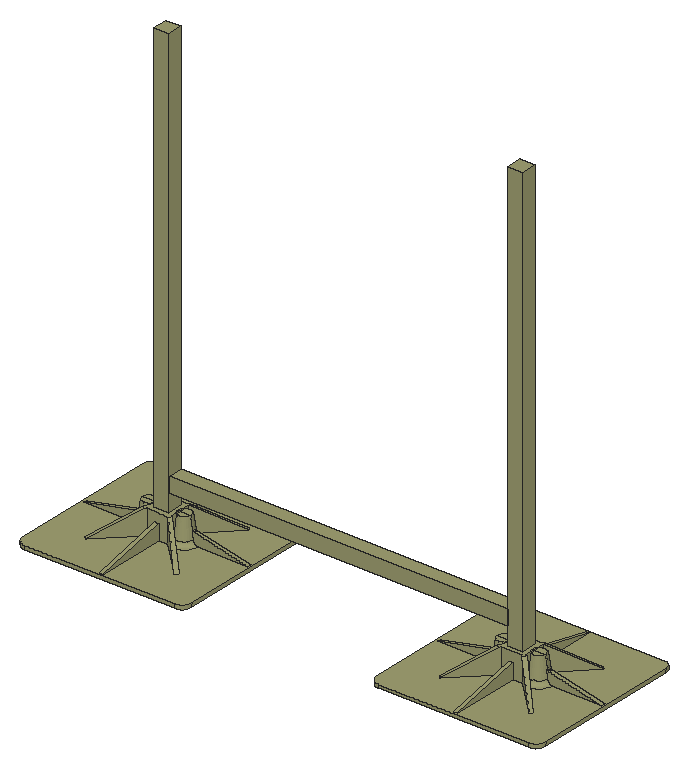
Revit family "Roof_Walkway_Support", category Generic Models, Revit 2013
Parameters
  offset [instance] = 0 mm
  Warranty Duration (Years) = 0
  Unit Width [instance] = Clear Width + 82.55 mm  # 1002.55 mm
  Unit Height [instance] = 1800 mm
  Unit Depth [instance] = 920 mm
  URL = ""
  Support Extension_Right [instance] = 165 mm
  Support Extension_Left [instance] = 165 mm
  Railing Height = 1025 mm
  Rail Height [instance] = if(Handrails, Railing Height, 0 mm)  # 1025 mm
  Handrails [instance] = yes
  Floor_Thickness [instance] = 50 mm
  Revision = ""
  Model = ""
  Material = Support
  Manufacturer = ""
  Maintenance Schedule (Months) = 0
  Keynote = ""
  Installation Phase = ""
  Flange Option = "[FM][MM]"
  Expected Lifespan (Years) = 0
  Drawn By = ""
  Description = ""
  Default Elevation = 1200 mm
  Copyright = ""
  Clear Width [instance] = 920 mm
  Base Type [instance] = Base_Walk_Square : Base_Walk_Square
  Base Material = Support
  Assembly Code = ""
Reference planes
  plane 1 "Center (Front/Back)": y = 0
  plane 2 "Bottom": z = 0
  plane 3 "Center (Left/Right)": x = -838.2
  plane 4: x = -378.2
  plane 5: x = -1298.2
  plane 6: z = -50
  plane 7: z = -215
  plane 8: z = -215
  plane 9 "Clear_Back": y = 228.6
  plane 10 "Clear_Front": y = -228.6
  plane 11: z = 1025
  plane 12: z = -519.8
Forms (mm)
  Sweep 1, solid, material "Support" <- "Material"
    path origin (0, 0, 0) x (1, 0, 0) y (0, 0, 1)
      loop
        line (-357.562, -138.8) -> (-357.562, 1025)
    profile "P_Rectangle : P_Rectangle" origin (-357.562, 0, 443.1) x (-1, 0, 0) y (0, -1, 0)
      loop
        line (-20.638, 20.637) -> (-20.638, -20.637) -> (20.637, -20.637) -> (20.637, 20.637) -> (-20.638, 20.637)
  Sweep 2, solid, material "Support" <- "Material"
    path origin (0, 0, 0) x (1, 0, 0) y (0, 0, 1)
      loop
        line (-1339.475, -138.8) -> (-1339.475, 1025)
    profile "P_Rectangle : P_Rectangle" origin (-1339.475, 0, 443.1) x (-1, 0, 0) y (0, -1, 0)
      loop
        line (0, 20.637) -> (-41.275, 20.637) -> (-41.275, -20.637) -> (0, -20.637) -> (0, 20.637)
  Sweep 3, solid, material "Support" <- "Material"
    path origin (0, 0, 0) x (1, 0, 0) y (0, 0, 1)
      loop
        line (-1298.2, -50) -> (-378.2, -50)
    profile "P_Rectangle : P_Rectangle" origin (-838.2, 0, -50) x (0, 0, 1) y (0, -1, 0)
      loop
        line (-41.275, 20.637) -> (-41.275, -20.637) -> (0, -20.637) -> (0, 20.637) -> (-41.275, 20.637)
Cuts and joins
  joined: Sweep 1, Sweep 2
Dimensions and locks
  "Clear Width": plane 5 to plane 4
  "Floor_Thickness": plane 2 "Bottom" to plane 6
  "Support Extension_Left": plane 6 to plane 7
  "Support Extension_Right": plane 6 to plane 8
  equal spacing: plane 9 "Clear_Back", plane 1 "Center (Front/Back)", plane 10 "Clear_Front"
  locked: nested 1 to plane 5 at 20.637
  locked: plane 4 to nested 2 at 20.637
  "Rail Height": plane 11 to plane 2 "Bottom"
  locked: plane 8 to plane 12 at 304.8
  equal spacing: plane 5, plane 3 "Center (Left/Right)", plane 4
  locked: Sweep 2 sketch curve to plane 7 at 76.2
  locked: Sweep 1 sketch curve to plane 8 at 76.2
  aligned and locked: plane 1 "Center (Front/Back)" to nested 2
  aligned and locked: nested 1 to plane 1 "Center (Front/Back)"
  aligned and locked: plane 11 to Sweep 2 sketch curve
  aligned and locked: plane 11 to Sweep 1 sketch curve
  aligned and locked: level to plane 2 "Bottom"
Automatic sketch dimensions
  plane 4 to Sweep 1 sketch curve = 20.638 mm
  Sweep 2 sketch curve to plane 5 = 41.275 mm
  Sweep 3 sketch curve to plane 5 = 0 mm
  Sweep 3 sketch curve to plane 4 = 0 mm
  Sweep 3 sketch curve to plane 6 = 0 mm
Nested families
  nested 1: "Base_Walk_Square" at (-1318.837, 0, -215), type <- "Base Type", type "Base_Walk_Square"
    with Unit Width 457.2 mm, Unit Depth 457.2 mm
  nested 2: "Base_Walk_Square" at (-357.562, 0, -215), type <- "Base Type", type "Base_Walk_Square"
    with Unit Width 457.2 mm, Unit Depth 457.2 mm
Definition of nested family "Base_Walk_Square"
  Parameters
    offset [instance] = 0 mm
    Warranty Duration (Years) = 0
    Unit Width = 304.8 mm
    Unit Height = 76.2 mm
    Unit Depth = 304.8 mm
    URL = "http://www.phpsd.com/"
    Test Data = "http://www.phpsd.com/test_data.htm"
    Specification = "http://www.arcat.com/sd/clients/portpipe.html?coid=38679"
    Send Message = "http://www.arcat.com/users.pl?action=UserEmail&company=PHP%20Systems/Design&coid=38679&rep=108&fax=713-672-7986&mf="
    Sales Information = "http://www.phpsd.com/quote_request.htm"
    Revision = "R1_03-2010"
    Product Properties = "http://www.arcat.com/bim/bim_info.pl?fn="
    Product Data = "http://www.arcat.com/arcatcos/cos38/arc38679.html"
    Model = "As Specified in 21 05 29"
    Material = Plastic - PHP - High Density Polypropylene - Black - UV Protected
    Manufacturer Website = "http://www.phpsd.com/"
    Manufacturer Phone - Toll Free = "800-797-6585 "
    Manufacturer Phone = "713-672-5088 "
    Manufacturer Fax = "713-672-7986"
    Manufacturer Address = "5534 Harvey Wilson Dr., Houston, TX 77020"
    Manufacturer = "PHP Systems"
    Maintenance Schedule (Months) = 0
    Keynote = "21 05 29"
    Installation-Fabrication = "http://www.phpsd.com/help_me_decide.htm"
    Installation Phase = ""
    Green Building-LEED = "http://www.arcat.com/green/clients/leed_data_38679.html"
    Expected Lifespan (Years) = 0
    Engineering Data = "http://www.phpsd.com/engineering_tables.htm"
    Drawn By = "Robert S. Weygant, CSI, CDT, SCIP"
    Description = "Rooftop Equipment as Specified in 21 05 29"
    Default Elevation = 1219.2 mm
    Copyright = "2010, ARCAT, Inc"
    Construction Details = "http://www.arcat.com/details/portpipe/portpipe.html?coid=38679"
    Assembly Code = "D3090700"
  Reference planes
    plane 1 "Center (Front/Back)": y = 0
    plane 2 "Bottom": z = 0
    plane 3 "Center (Left/Right)": x = 0
    plane 4 "Front": y = -152.4
    plane 5 "Back": y = 152.4
    plane 6 "Left": x = -152.4
    plane 7 "Right": x = 152.4
    plane 8 "Top": z = 76.2
    plane 9: z = 31.707
    plane 10: z = 9.512
    plane 11 "Diag_TopRight": through (25.5, 25.5, 1219.2) normal (-0.7071, 0.7071, 0)
    plane 12 "Diag_TopLeft": through (-25.5, 25.5, 1219.2) normal (-0.7071, -0.7071, 0)
    plane 13: x = -47.494
    plane 14: x = 47.494
  Forms (mm)
    Extrusion 1, solid, material "Plastic - PHP - High Density Polypropylene - Black - UV Protected" <- "Material"
      sketch origin (0, 0, 0) x (1, 0, 0) y (0, 1, 0)
        loop
          arc (-127, 152.4) -> (-144.961, 144.961) -> (-152.4, 127) r 25.4
          line (-152.4, 127) -> (-152.4, -127)
          arc (-152.4, -127) -> (-144.961, -144.961) -> (-127, -152.4) r 25.4
          line (-127, -152.4) -> (127, -152.4)
          arc (127, -152.4) -> (144.961, -144.961) -> (152.4, -127) r 25.4
          line (152.4, -127) -> (152.4, 127)
          arc (152.4, 127) -> (144.961, 144.961) -> (127, 152.4) r 25.4
          line (127, 152.4) -> (-127, 152.4)
      from 0 to 9.512
    Extrusion 2, solid, material "Plastic - PHP - High Density Polypropylene - Black - UV Protected" <- "Material"
      sketch origin (141.287, -4572, 9.512) x (0, -1, 0) y (-1, 0, 0)
        loop
          line (-4537.344, 176.158) -> (-4606.656, 176.158) -> (-4606.656, 106.416) -> (-4537.344, 106.416) -> (-4537.344, 176.158)
      from 0 to -66.688
    Extrusion 3, solid, material "Plastic - PHP - High Density Polypropylene - Black - UV Protected" <- "Material"
      sketch origin (0, 0, 0) x (0, 1, 0) y (0, 0, 1)
        loop
          line (146.05, 9.512) -> (34.656, 50.586) -> (34.656, 9.512) -> (146.05, 9.512)
      from -4.763 to 4.763
    Extrusion 4, solid, material "Plastic - PHP - High Density Polypropylene - Black - UV Protected" <- "Material"
      sketch origin (0, 0, 0) x (0, 1, 0) y (0, 0, 1)
        loop
          line (-146.05, 9.512) -> (-34.656, 9.512) -> (-34.656, 50.586) -> (-146.05, 9.512)
      from -4.763 to 4.763
    Extrusion 5, solid, material "Plastic - PHP - High Density Polypropylene - Black - UV Protected" <- "Material"
      sketch origin (0, 0, 0) x (0.707107, -0.707107, 0) y (0, 0, 1)
        loop
          line (-36.463, 9.512) -> (-36.463, 76.2) -> (-49.163, 76.2) -> (-174.585, 9.512) -> (-36.463, 9.512)
      from -4.763 to 4.763
    Extrusion 6, solid, material "Plastic - PHP - High Density Polypropylene - Black - UV Protected" <- "Material"
      sketch origin (25.5, 25.5, 1219.2) x (-0.707107, -0.707107, 0) y (0, 0, -1)
        loop
          line (72.525, 1209.688) -> (72.525, 1143) -> (85.225, 1143) -> (210.647, 1209.688) -> (72.525, 1209.688)
      from -4.763 to 4.763
    Extrusion 7, solid, material "Plastic - PHP - High Density Polypropylene - Black - UV Protected" <- "Material"
      sketch origin (25.5, 25.5, 1219.2) x (-0.707107, -0.707107, 0) y (0, 0, -1)
        loop
          line (-0.401, 1209.688) -> (-138.523, 1209.688) -> (-13.101, 1143) -> (-0.401, 1143) -> (-0.401, 1209.688)
      from -4.763 to 4.763
    Extrusion 8, solid, material "Plastic - PHP - High Density Polypropylene - Black - UV Protected" <- "Material"
      sketch origin (-16.519, 16.519, 1219.2) x (0.707107, -0.707107, 0) y (0, 0, 1)
        loop
          line (59.825, -1209.688) -> (197.947, -1209.688) -> (72.525, -1143) -> (59.825, -1143) -> (59.825, -1209.688)
      from -4.763 to 4.763
    Extrusion 9, solid, material "Plastic - PHP - High Density Polypropylene - Black - UV Protected" <- "Material"
      sketch origin (0, 0, 0) x (-1, 0, 0) y (0, 0, 1)
        loop
          line (146.05, 9.512) -> (34.656, 50.586) -> (34.656, 9.512) -> (146.05, 9.512)
      from -4.763 to 4.763
    Extrusion 10, solid, material "Plastic - PHP - High Density Polypropylene - Black - UV Protected" <- "Material"
      sketch origin (0, 0, 0) x (-1, 0, 0) y (0, 0, 1)
        loop
          line (-146.05, 9.512) -> (-34.656, 9.512) -> (-34.656, 50.586) -> (-146.05, 9.512)
      from -4.763 to 4.763
    Revolve 11, solid, material "Plastic - PHP - High Density Polypropylene - Black - UV Protected" <- "Material"
      sketch origin (27.133, -0.284, -2.024) x (1, 0, 0) y (0, 0, 1)
        loop
          line (-92.574, 78.224) -> (-100.847, 23.161)
          arc (-100.847, 23.161) -> (-105.441, 14.843) -> (-114.349, 11.536) r 13.653
          line (-114.349, 11.536) -> (-74.627, 11.536) -> (-74.627, 78.224) -> (-92.574, 78.224)
        axis (-74.627, 11.536) -> (-74.627, 78.224)
      angle from 0 to 360
    Revolve 12, solid, material "Plastic - PHP - High Density Polypropylene - Black - UV Protected" <- "Material"
      sketch origin (-27.133, -0.284, -2.024) x (-1, 0, 0) y (0, 0, -1)
        loop
          line (-92.574, -78.224) -> (-74.627, -78.224) -> (-74.627, -11.536) -> (-114.349, -11.536)
          arc (-114.349, -11.536) -> (-105.441, -14.843) -> (-100.847, -23.161) r 13.653
          line (-100.847, -23.161) -> (-92.574, -78.224)
        axis (-74.627, -11.536) -> (-74.627, -78.224)
      angle from 0 to 360
  Cuts and joins
    joined: Extrusion 1, Extrusion 2, Extrusion 3, Extrusion 4, Extrusion 5, Extrusion 6, Extrusion 7, Extrusion 8
    joined: Extrusion 9, Revolve 11
    joined: Extrusion 10, Revolve 12
  Dimensions and locks
    equal spacing: plane 5 "Back", plane 1 "Center (Front/Back)", plane 4 "Front"
    "Unit Depth": plane 5 "Back" to plane 4 "Front"
    equal spacing: plane 6 "Left", plane 3 "Center (Left/Right)", plane 7 "Right"
    "Unit Width": plane 6 "Left" to plane 7 "Right"
    "Unit Height": plane 8 "Top" to level
    aligned and locked: Extrusion 1 to plane 10
    aligned and locked: plane 8 "Top" to Extrusion 2
  Automatic sketch dimensions
    Extrusion 1 sketch curve to plane 6 "Left" = 0 mm
    Extrusion 1 sketch curve to plane 4 "Front" = 0 mm
    Extrusion 1 sketch curve to plane 5 "Back" = 0 mm
    Extrusion 1 sketch curve to plane 11 "Diag_TopRight" = 0 mm
    plane 6 "Left" to Extrusion 1 sketch curve = 25.4 mm  (x2)
    Extrusion 1 sketch curve to plane 7 "Right" = 25.4 mm  (x2)
    Extrusion 2 sketch curve to plane 1 "Center (Front/Back)" = 34.656 mm
    plane 1 "Center (Front/Back)" to Extrusion 2 sketch curve = 34.656 mm
    Extrusion 2 sketch curve to plane 3 "Center (Left/Right)" = 34.871 mm
    plane 3 "Center (Left/Right)" to Extrusion 2 sketch curve = 34.871 mm
    Extrusion 3 sketch curve to plane 10 = 0 mm
    Extrusion 3 sketch curve to plane 1 "Center (Front/Back)" = 34.656 mm
    Extrusion 3 sketch curve to plane 5 "Back" = 6.35 mm
    Extrusion 3 sketch curve to plane 9 = 18.879 mm
    Extrusion 4 sketch curve to plane 10 = 0 mm
    plane 4 "Front" to Extrusion 4 sketch curve = 6.35 mm
    plane 1 "Center (Front/Back)" to Extrusion 4 sketch curve = 34.656 mm
    Extrusion 4 sketch curve to plane 9 = 18.879 mm
    Extrusion 5 sketch curve to plane 10 = 0 mm
    Extrusion 5 sketch curve to plane 8 "Top" = 0 mm
    Extrusion 5 sketch curve to plane 11 "Diag_TopRight" = 174.585 mm
    Extrusion 5 sketch curve to plane 11 "Diag_TopRight" = 49.163 mm
    Extrusion 5 sketch curve to plane 11 "Diag_TopRight" = 36.463 mm
    Extrusion 6 sketch curve to plane 10 = 0 mm
    Extrusion 6 sketch curve to plane 8 "Top" = 0 mm
    Extrusion 6 sketch curve to plane 12 "Diag_TopLeft" = 36.463 mm
    Extrusion 6 sketch curve to Extrusion 6 sketch curve = 12.7 mm
    Extrusion 6 sketch curve to Extrusion 6 sketch curve = 138.122 mm
    Extrusion 7 sketch curve to plane 10 = 0 mm
    Extrusion 7 sketch curve to plane 8 "Top" = 0 mm
    plane 12 "Diag_TopLeft" to Extrusion 7 sketch curve = 174.585 mm
    plane 12 "Diag_TopLeft" to Extrusion 7 sketch curve = 49.163 mm
    plane 12 "Diag_TopLeft" to Extrusion 7 sketch curve = 36.463 mm
    Extrusion 8 sketch curve to plane 10 = 0 mm
    Extrusion 8 sketch curve to plane 8 "Top" = 0 mm
    plane 11 "Diag_TopRight" to Extrusion 8 sketch curve = 36.463 mm
    Extrusion 8 sketch curve to Extrusion 8 sketch curve = 12.7 mm
    Extrusion 8 sketch curve to Extrusion 8 sketch curve = 138.122 mm
    Extrusion 9 sketch curve to plane 10 = 0 mm
    Extrusion 9 sketch curve to plane 3 "Center (Left/Right)" = 34.656 mm
    plane 6 "Left" to Extrusion 9 sketch curve = 6.35 mm
    Extrusion 9 sketch curve to plane 9 = 18.879 mm
    Extrusion 10 sketch curve to plane 10 = 0 mm
    Extrusion 10 sketch curve to plane 7 "Right" = 6.35 mm
    plane 3 "Center (Left/Right)" to Extrusion 10 sketch curve = 34.656 mm
    Extrusion 10 sketch curve to plane 9 = 18.879 mm
    Revolve 12 sketch curve to plane 10 = 0 mm  (x2)
    Revolve 12 sketch curve to plane 8 "Top" = 0 mm
    Revolve 12 sketch curve to plane 14 = 0 mm  (x2)
    plane 14 to Revolve 12 sketch curve = 17.947 mm
    plane 9 to Revolve 12 sketch curve = 10.571 mm
    plane 14 to Revolve 12 sketch curve = 26.22 mm
    plane 9 to Revolve 12 sketch curve = 8.542 mm
    Revolve 12 sketch curve to Revolve 12 sketch curve = 0 mm
    Revolve 12 sketch curve to plane 8 "Top" = 3.938 mm
    Revolve 12 sketch curve to level = 7.791 mm
    Revolve 11 sketch curve to plane 10 = 0 mm  (x2)
    Revolve 11 sketch curve to plane 8 "Top" = 0 mm
    Revolve 11 sketch curve to plane 13 = 0 mm  (x2)
    Revolve 11 sketch curve to plane 13 = 17.947 mm
    plane 9 to Revolve 11 sketch curve = 10.571 mm
    Revolve 11 sketch curve to plane 13 = 26.22 mm
    plane 9 to Revolve 11 sketch curve = 8.542 mm
    Revolve 11 sketch curve to Revolve 11 sketch curve = 0 mm
    Revolve 11 sketch curve to level = 7.791 mm
    Revolve 11 sketch curve to plane 8 "Top" = 3.938 mm
